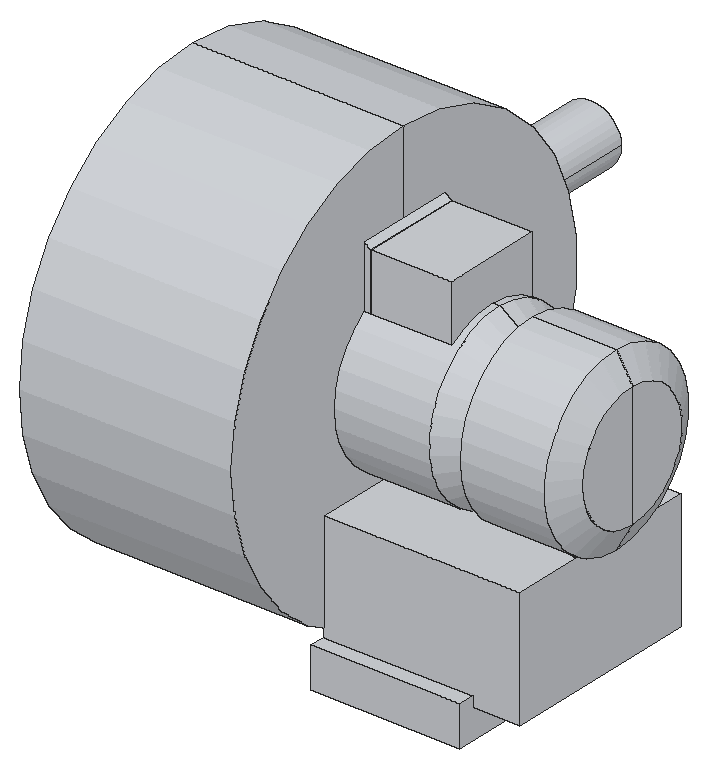
Revit family "Воздуходувка Erstevak 89_50", category Оборудование, Revit 2020
Family settings
  Размер круглого соединителя = Использовать диаметр
  Классификация = Нет
  Тип детали = Нормальный
  На основе рабочей плоскости = Нет
  Всегда вертикально = Нет
  При загрузке вырезать с полостями = Нет
  Общий = Нет
  Точка расчета площади = Нет
Parameters
  Правое исполнение [instance] = yes
  Отметка по умолчанию = 0 mm
  Материал фильтроэлемента = Сталь 08X18H10T (AISI 321) Красная
  Материал аппарата = Сталь 08X18H10T (AISI 321) Синяя
  Левое исполнение [instance] = yes
  Изготовитель = "ООО \"НПК \"Акватроник\""
  ADSK_Примечание [instance] = ""
  ADSK_Позиция [instance] = "7"
  ADSK_Наименование = "Воздуходувка производительность 320 м3/ч, напор 5,0м, N=5,5 кВт (1 рабочая и 1 резервная)"
  ADSK_Масса_Текст [instance] = "66"
  ADSK_Завод-изготовитель [instance] = "ООО \"НПК \"Акватроник\""
  ADSK_Единица измерения = "шт."
Reference planes
  plane 1 "По центру (Вперед/Назад)": y = 0
  plane 2: z = 250
  plane 3 "По центру (Влево/Вправо)": x = -117.856
  plane 4: z = 1700
  plane 5 "1б": y = 0
Forms (mm)
  Revolve 1, solid
    sketch origin (-1212, 0.438, 99.413) x (1, 0, 0) y (0, 0, 1)
      loop
        line (1094.445, 388.013) -> (1303.748, 388.013) -> (1433.748, 388.013) -> (1531.51, 388.013) -> (1531.51, 449.593) -> (1515.65, 477.063) -> (1432.211, 477.063) -> (1432.211, 452.063) -> (1399.445, 475.006) -> (1304.445, 475.006) -> (1304.445, 602.727) -> (1094.445, 602.727) -> (1094.445, 388.013)
      axis (1094.445, 388.013) -> (1531.51, 388.013)
    angle from 0 to 360
  Extrusion 2, solid
    sketch origin (-1212, 100.438, 99.413) x (1, 0, 0) y (0, 0, 1)
      loop
        line (1304.445, 299.019) -> (1304.445, 180.587) -> (1499.445, 180.587) -> (1499.445, 299.019) -> (1304.445, 299.019)
    from 0 to 200
  Extrusion 3, solid
    sketch origin (-1212, 100.438, 99.413) x (1, 0, 0) y (0, 0, 1)
      loop
        line (1311.574, 459.587) -> (1311.574, 516.277) -> (1304.445, 521.277) -> (1304.445, 459.587) -> (1311.574, 459.587)
    from 50 to 150
  Extrusion 4, solid
    sketch origin (-1212, 50.438, 99.413) x (1, 0, 0) y (0, 0, 1)
      loop
        line (1311.574, 516.277) -> (1311.574, 459.587) -> (1391.574, 459.587) -> (1391.574, 516.277) -> (1311.574, 516.277)
    from 0 to 100
  Extrusion 5, solid
    sketch origin (-1157, 226.438, 279.413) x (1, 0, 0) y (0, 0, -1)
      loop
        circle (1094.445, -173.298) r 30
    from -37.334 to 200
  Extrusion 6, solid
    sketch origin (-1212, 100.438, 89.413) x (1, 0, 0) y (0, 0, 1)
      loop
        line (1304.445, 160.587) -> (1452.71, 160.587) -> (1452.71, 200.341) -> (1304.445, 200.341) -> (1304.445, 160.587)
    from -14.249 to 215.438
Cuts and joins
  joined: Extrusion 2, Extrusion 6
Dimensions and locks
  plane 4 to plane 2 = 1450 mm
  plane 4 to level = 1450 mm
  aligned and locked: level to plane 2
Connectors
  piping at (-62.555, 426.438, 452.711), diameter 50
    settings: on Extrusion 5, index 1, connector inside diameter 609.6 mm, connector length 0 mm, flow factor 0, pipe flow 0.0 L/s, pressure drop 0.0 Pa, fitting loss kfactor 0, connector angle 0.00°, fixture units 0, engagement length 0 mm, angle of deflection 0.00°, flow configuration 0, flow direction 0, fitting loss method 0, system type 7, joint type 0, gender type 0, connector reference index -1, connector utility 0, adjustable connector no, is connector primary yes, connector description ""
